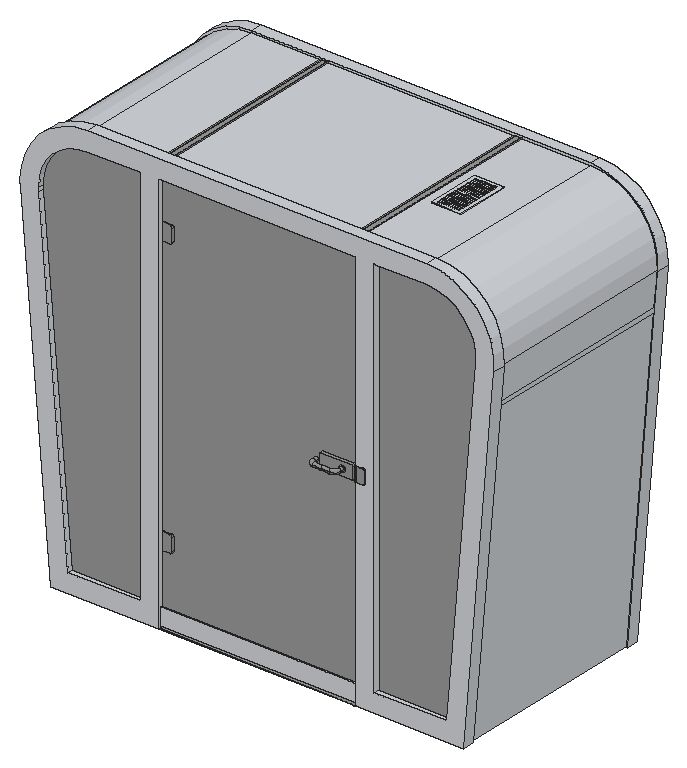
Revit family "Retreat 2.1 - PET Back", category Generic Models, host Floor, Revit 2020
Family settings
  Host = Floor
  Can host rebar = No
  Round Connector Dimension = Use Diameter
  Part Type = Normal
  Always vertical = Yes
  Cut with Voids When Loaded = No
  Shared = No
  Room Calculation Point = No
Parameters
  Default Elevation = 0 mm
Reference planes
  plane 1 "Center (Front/Back)": y = 0
  plane 2: z = 0
  plane 3 "Center (Left/Right)": x = 0
Forms (mm)
  Extrusion 1, solid
    sketch origin (0, 0, 0) x (1, 0, 0) y (0, 0, 1)
      loop
        line (-994.283, 0) -> (-1135.633, 1615.634) -> (-1187.435, 1611.102) -> (-1046.482, 0) -> (-994.283, 0)
      loop
        line (-1136.069, 1620.615) -> (-1152.093, 1803.768)
        arc (-1152.093, 1803.768) -> (-1152.883, 1815.827) -> (-1153.147, 1827.91) r 277
        arc (-1153.147, 1827.91) -> (-1072.015, 2023.779) -> (-876.147, 2104.91) r 277
        line (-876.147, 2104.91) -> (-511.874, 2104.91) -> (-511.874, 2156.91) -> (-876.147, 2156.91)
        arc (-876.147, 2156.91) -> (-1108.785, 2060.548) -> (-1205.147, 1827.91) r 329
        arc (-1205.147, 1827.91) -> (-1204.834, 1813.559) -> (-1203.895, 1799.236) r 329
        line (-1203.895, 1799.236) -> (-1187.871, 1616.083) -> (-1136.069, 1620.615)
      loop
        line (-486.874, 2104.91) -> (488.126, 2104.91) -> (488.126, 2156.91) -> (-486.874, 2156.91) -> (-486.874, 2104.91)
      loop
        line (513.126, 2104.91) -> (877.399, 2104.91)
        arc (877.399, 2104.91) -> (1081.624, 2015.048) -> (1153.345, 1803.768) r 277
        line (1153.345, 1803.768) -> (1137.321, 1620.615) -> (1189.123, 1616.083) -> (1205.147, 1799.236)
        arc (1205.147, 1799.236) -> (1119.963, 2050.179) -> (877.399, 2156.91) r 329
        line (877.399, 2156.91) -> (513.126, 2156.91) -> (513.126, 2104.91)
      loop
        line (1136.885, 1615.634) -> (995.535, 0) -> (1047.734, 0) -> (1188.687, 1611.102) -> (1136.885, 1615.634)
    from -500 to 500
  Extrusion 2, solid
    sketch origin (0, 0, 0) x (1, 0, 0) y (0, 0, 1)
      loop
        line (-985.249, 0) -> (-1126.667, 1616.419) -> (-1135.633, 1615.634) -> (-994.283, 0) -> (-985.249, 0)
      loop
        line (-1127.103, 1621.4) -> (-1143.127, 1804.552)
        arc (-1143.127, 1804.552) -> (-1143.892, 1816.22) -> (-1144.147, 1827.91) r 268
        arc (-1144.147, 1827.91) -> (-1065.651, 2017.415) -> (-876.147, 2095.91) r 268
        line (-876.147, 2095.91) -> (-511.874, 2095.91) -> (-511.874, 2104.91) -> (-876.147, 2104.91)
        arc (-876.147, 2104.91) -> (-1072.015, 2023.779) -> (-1153.147, 1827.91) r 277
        arc (-1153.147, 1827.91) -> (-1152.883, 1815.827) -> (-1152.093, 1803.768) r 277
        line (-1152.093, 1803.768) -> (-1136.069, 1620.615) -> (-1127.103, 1621.4)
      loop
        line (-486.874, 2095.91) -> (488.126, 2095.91) -> (488.126, 2104.91) -> (-486.874, 2104.91) -> (-486.874, 2095.91)
      loop
        line (513.126, 2095.91) -> (877.399, 2095.91)
        arc (877.399, 2095.91) -> (1074.989, 2008.968) -> (1144.379, 1804.552) r 268
        line (1144.379, 1804.552) -> (1128.355, 1621.4) -> (1137.321, 1620.615) -> (1153.345, 1803.768)
        arc (1153.345, 1803.768) -> (1081.624, 2015.048) -> (877.399, 2104.91) r 277
        line (877.399, 2104.91) -> (513.126, 2104.91) -> (513.126, 2095.91)
      loop
        line (1127.919, 1616.419) -> (986.501, 0) -> (995.535, 0) -> (1136.885, 1615.634) -> (1127.919, 1616.419)
    from -500 to 500
  Extrusion 3, solid
    sketch origin (0, 0, 0) x (1, 0, 0) y (0, 0, 1)
      loop
        line (-1046.482, 0) -> (-1187.435, 1611.102) -> (-1196.401, 1610.318) -> (-1055.516, 0) -> (-1046.482, 0)
      loop
        line (-1187.871, 1616.083) -> (-1203.895, 1799.236)
        arc (-1203.895, 1799.236) -> (-1204.834, 1813.559) -> (-1205.147, 1827.91) r 329
        arc (-1205.147, 1827.91) -> (-1108.785, 2060.548) -> (-876.147, 2156.91) r 329
        line (-876.147, 2156.91) -> (-511.874, 2156.91) -> (-511.874, 2165.91) -> (-876.147, 2165.91)
        arc (-876.147, 2165.91) -> (-1115.149, 2066.912) -> (-1214.147, 1827.91) r 338
        arc (-1214.147, 1827.91) -> (-1213.825, 1813.167) -> (-1212.86, 1798.451) r 338
        line (-1212.86, 1798.451) -> (-1196.837, 1615.299) -> (-1187.871, 1616.083)
      loop
        line (-486.874, 2156.91) -> (488.126, 2156.91) -> (488.126, 2165.91) -> (-486.874, 2165.91) -> (-486.874, 2156.91)
      loop
        line (513.126, 2156.91) -> (877.399, 2156.91)
        arc (877.399, 2156.91) -> (1119.963, 2050.179) -> (1205.147, 1799.236) r 329
        line (1205.147, 1799.236) -> (1189.123, 1616.083) -> (1198.089, 1615.299) -> (1214.112, 1798.451)
        arc (1214.112, 1798.451) -> (1126.598, 2056.259) -> (877.399, 2165.91) r 338
        line (877.399, 2165.91) -> (513.126, 2165.91) -> (513.126, 2156.91)
      loop
        line (1188.687, 1611.102) -> (1047.734, 0) -> (1056.768, 0) -> (1197.653, 1610.318) -> (1188.687, 1611.102)
    from -500 to 500
  Extrusion 4, solid
    sketch origin (0, 0, 0) x (1, 0, 0) y (0, 0, 1)
      loop
        line (-1055.516, 0) -> (-1196.401, 1610.318) -> (-1198.393, 1610.144) -> (-1057.524, 0) -> (-1055.516, 0)
      loop
        line (-1196.837, 1615.299) -> (-1212.86, 1798.451)
        arc (-1212.86, 1798.451) -> (-1213.825, 1813.167) -> (-1214.147, 1827.91) r 338
        arc (-1214.147, 1827.91) -> (-1115.149, 2066.912) -> (-876.147, 2165.91) r 338
        line (-876.147, 2165.91) -> (-511.874, 2165.91) -> (-511.874, 2167.91) -> (-876.147, 2167.91)
        arc (-876.147, 2167.91) -> (-1116.563, 2068.326) -> (-1216.147, 1827.91) r 340
        arc (-1216.147, 1827.91) -> (-1215.823, 1813.079) -> (-1214.853, 1798.277) r 340
        line (-1214.853, 1798.277) -> (-1198.829, 1615.125) -> (-1196.837, 1615.299)
      loop
        line (-486.874, 2165.91) -> (488.126, 2165.91) -> (488.126, 2167.91) -> (-486.874, 2167.91) -> (-486.874, 2165.91)
      loop
        line (513.126, 2167.91) -> (513.126, 2165.91) -> (877.399, 2165.91)
        arc (877.399, 2165.91) -> (1126.598, 2056.259) -> (1214.112, 1798.451) r 338
        line (1214.112, 1798.451) -> (1198.089, 1615.299) -> (1200.081, 1615.125) -> (1216.105, 1798.277)
        arc (1216.105, 1798.277) -> (1128.073, 2057.611) -> (877.399, 2167.91) r 340
        line (877.399, 2167.91) -> (513.126, 2167.91)
      loop
        line (1197.653, 1610.318) -> (1056.768, 0) -> (1058.776, 0) -> (1199.645, 1610.144) -> (1197.653, 1610.318)
    from -500 to 500
  Extrusion 5, solid
    sketch origin (0, 0, 0) x (1, 0, 0) y (0, 0, 1)
      loop
        line (-510, 0) -> (-510, 2083) -> (510, 2083) -> (510, 0) -> (1068, 0) -> (1225.26, 1797.495)
        arc (1225.26, 1797.495) -> (1134.639, 2064.457) -> (876.592, 2178) r 350
        line (876.592, 2178) -> (-876.592, 2178)
        arc (-876.592, 2178) -> (-1124.08, 2075.487) -> (-1226.592, 1828) r 350
        arc (-1226.592, 1828) -> (-1226.259, 1812.733) -> (-1225.26, 1797.495) r 350
        line (-1225.26, 1797.495) -> (-1068, 0) -> (-510, 0)
      loop
        line (-605, 95) -> (-605, 2083) -> (-876.592, 2083)
        arc (-876.592, 2083) -> (-1056.905, 2008.312) -> (-1131.592, 1828) r 255
        arc (-1131.592, 1828) -> (-1131.35, 1816.877) -> (-1130.622, 1805.775) r 255
        line (-1130.622, 1805.775) -> (-980.949, 95) -> (-605, 95)
      loop
        line (605, 95) -> (980.949, 95) -> (1130.622, 1805.775)
        arc (1130.622, 1805.775) -> (1064.598, 2000.276) -> (876.592, 2083) r 255
        line (876.592, 2083) -> (605, 2083) -> (605, 95)
    from 500 to 560
  Extrusion 6, solid
    sketch origin (0, 0, 0) x (1, 0, 0) y (0, 0, 1)
      loop
        line (-488, 0) -> (-488, 2061) -> (488, 2061) -> (488, 0) -> (510, 0) -> (510, 2083) -> (-510, 2083) -> (-510, 0) -> (-488, 0)
    from 500 to 522
  Extrusion 7, solid
    sketch origin (0, 0, 0) x (1, 0, 0) y (0, 0, 1)
      loop
        line (-1068, 0) -> (1068, 0) -> (1225.26, 1797.495)
        arc (1225.26, 1797.495) -> (1134.639, 2064.457) -> (876.592, 2178) r 350
        line (876.592, 2178) -> (-876.592, 2178)
        arc (-876.592, 2178) -> (-1124.08, 2075.487) -> (-1226.592, 1828) r 350
        arc (-1226.592, 1828) -> (-1226.259, 1812.733) -> (-1225.26, 1797.495) r 350
        line (-1225.26, 1797.495) -> (-1068, 0)
      loop
        line (-980.949, 95) -> (-572.5, 95) -> (-572.5, 2083) -> (-876.592, 2083)
        arc (-876.592, 2083) -> (-1056.905, 2008.312) -> (-1131.592, 1828) r 255
        arc (-1131.592, 1828) -> (-1131.35, 1816.877) -> (-1130.622, 1805.775) r 255
        line (-1130.622, 1805.775) -> (-980.949, 95)
      loop
        line (-427.5, 95) -> (427.5, 95) -> (427.5, 2083) -> (-427.5, 2083) -> (-427.5, 95)
      loop
        line (572.5, 95) -> (980.949, 95) -> (1130.622, 1805.775)
        arc (1130.622, 1805.775) -> (1064.598, 2000.276) -> (876.592, 2083) r 255
        line (876.592, 2083) -> (572.5, 2083) -> (572.5, 95)
    from -560 to -500
  Extrusion 8, solid
    sketch origin (0, 0, 0) x (1, 0, 0) y (0, 0, 1)
      loop
        line (505, 98.5) -> (-505, 98.5) -> (-505, 10.5) -> (505, 10.5) -> (505, 98.5)
    from 541.5 to 550.5
  Extrusion 9, solid
    sketch origin (0, 0, 0) x (1, 0, 0) y (0, 0, 1)
      loop
        line (484, 98.5) -> (-484, 98.5) -> (-484, 10.5) -> (484, 10.5) -> (484, 98.5)
    from 503.5 to 533.5
  Extrusion 10, solid
    sketch origin (778.97, -0.1, 0) x (1, 0, 0) y (0, 1, 0)
      loop
        line (-66.5, 143) -> (-212.5, 143)
        arc (-212.5, 143) -> (-216.036, 141.536) -> (-217.5, 138) r 5
        line (-217.5, 138) -> (-217.5, -134.9)
        arc (-217.5, -134.9) -> (-216.036, -138.436) -> (-212.5, -139.9) r 5
        line (-212.5, -139.9) -> (-66.5, -139.9)
        arc (-66.5, -139.9) -> (-62.964, -138.436) -> (-61.5, -134.9) r 5
        line (-61.5, -134.9) -> (-61.5, 138)
        arc (-61.5, 138) -> (-62.964, 141.536) -> (-66.5, 143) r 5
      loop
        line (-196.5, -90) -> (-196.5, -120)
        arc (-196.5, -120) -> (-195.914, -121.414) -> (-194.5, -122) r 2
        arc (-194.5, -122) -> (-193.086, -121.414) -> (-192.5, -120) r 2
        line (-192.5, -120) -> (-192.5, -90)
        arc (-192.5, -90) -> (-194.5, -88) -> (-196.5, -90) r 2
      loop
        line (-185.5, -90) -> (-185.5, -120)
        arc (-185.5, -120) -> (-184.914, -121.414) -> (-183.5, -122) r 2
        arc (-183.5, -122) -> (-182.086, -121.414) -> (-181.5, -120) r 2
        line (-181.5, -120) -> (-181.5, -90)
        arc (-181.5, -90) -> (-183.5, -88) -> (-185.5, -90) r 2
      loop
        line (-174.5, -90) -> (-174.5, -120)
        arc (-174.5, -120) -> (-173.914, -121.414) -> (-172.5, -122) r 2
        arc (-172.5, -122) -> (-171.086, -121.414) -> (-170.5, -120) r 2
        line (-170.5, -120) -> (-170.5, -90)
        arc (-170.5, -90) -> (-172.5, -88) -> (-174.5, -90) r 2
      loop
        line (-163.5, -90) -> (-163.5, -120)
        arc (-163.5, -120) -> (-162.914, -121.414) -> (-161.5, -122) r 2
        arc (-161.5, -122) -> (-160.086, -121.414) -> (-159.5, -120) r 2
        line (-159.5, -120) -> (-159.5, -90)
        arc (-159.5, -90) -> (-161.5, -88) -> (-163.5, -90) r 2
      loop
        line (-152.5, -90) -> (-152.5, -120)
        arc (-152.5, -120) -> (-151.914, -121.414) -> (-150.5, -122) r 2
        arc (-150.5, -122) -> (-149.086, -121.414) -> (-148.5, -120) r 2
        line (-148.5, -120) -> (-148.5, -90)
        arc (-148.5, -90) -> (-150.5, -88) -> (-152.5, -90) r 2
      loop
        line (-141.5, -90) -> (-141.5, -120)
        arc (-141.5, -120) -> (-140.914, -121.414) -> (-139.5, -122) r 2
        arc (-139.5, -122) -> (-138.086, -121.414) -> (-137.5, -120) r 2
        line (-137.5, -120) -> (-137.5, -90)
        arc (-137.5, -90) -> (-139.5, -88) -> (-141.5, -90) r 2
      loop
        line (-130.5, -90) -> (-130.5, -120)
        arc (-130.5, -120) -> (-129.914, -121.414) -> (-128.5, -122) r 2
        arc (-128.5, -122) -> (-127.086, -121.414) -> (-126.5, -120) r 2
        line (-126.5, -120) -> (-126.5, -90)
        arc (-126.5, -90) -> (-128.5, -88) -> (-130.5, -90) r 2
      loop
        line (-119.5, -90) -> (-119.5, -120)
        arc (-119.5, -120) -> (-118.914, -121.414) -> (-117.5, -122) r 2
        arc (-117.5, -122) -> (-116.086, -121.414) -> (-115.5, -120) r 2
        line (-115.5, -120) -> (-115.5, -90)
        arc (-115.5, -90) -> (-117.5, -88) -> (-119.5, -90) r 2
      loop
        line (-108.5, -90) -> (-108.5, -120)
        arc (-108.5, -120) -> (-107.914, -121.414) -> (-106.5, -122) r 2
        arc (-106.5, -122) -> (-105.086, -121.414) -> (-104.5, -120) r 2
        line (-104.5, -120) -> (-104.5, -90)
        arc (-104.5, -90) -> (-106.5, -88) -> (-108.5, -90) r 2
      loop
        line (-97.5, -90) -> (-97.5, -120)
        arc (-97.5, -120) -> (-96.914, -121.414) -> (-95.5, -122) r 2
        arc (-95.5, -122) -> (-94.086, -121.414) -> (-93.5, -120) r 2
        line (-93.5, -120) -> (-93.5, -90)
        arc (-93.5, -90) -> (-95.5, -88) -> (-97.5, -90) r 2
      loop
        line (-86.5, -90) -> (-86.5, -120)
        arc (-86.5, -120) -> (-85.914, -121.414) -> (-84.5, -122) r 2
        arc (-84.5, -122) -> (-83.086, -121.414) -> (-82.5, -120) r 2
        line (-82.5, -120) -> (-82.5, -90)
        arc (-82.5, -90) -> (-84.5, -88) -> (-86.5, -90) r 2
      loop
        line (-82.5, -80) -> (-82.5, -50)
        arc (-82.5, -50) -> (-84.5, -48) -> (-86.5, -50) r 2
        line (-86.5, -50) -> (-86.5, -80)
        arc (-86.5, -80) -> (-85.914, -81.414) -> (-84.5, -82) r 2
        arc (-84.5, -82) -> (-83.086, -81.414) -> (-82.5, -80) r 2
      loop
        line (-93.5, -80) -> (-93.5, -50)
        arc (-93.5, -50) -> (-95.5, -48) -> (-97.5, -50) r 2
        line (-97.5, -50) -> (-97.5, -80)
        arc (-97.5, -80) -> (-96.914, -81.414) -> (-95.5, -82) r 2
        arc (-95.5, -82) -> (-94.086, -81.414) -> (-93.5, -80) r 2
      loop
        line (-104.5, -80) -> (-104.5, -50)
        arc (-104.5, -50) -> (-106.5, -48) -> (-108.5, -50) r 2
        line (-108.5, -50) -> (-108.5, -80)
        arc (-108.5, -80) -> (-107.914, -81.414) -> (-106.5, -82) r 2
        arc (-106.5, -82) -> (-105.086, -81.414) -> (-104.5, -80) r 2
      loop
        line (-115.5, -80) -> (-115.5, -50)
        arc (-115.5, -50) -> (-117.5, -48) -> (-119.5, -50) r 2
        line (-119.5, -50) -> (-119.5, -80)
        arc (-119.5, -80) -> (-118.914, -81.414) -> (-117.5, -82) r 2
        arc (-117.5, -82) -> (-116.086, -81.414) -> (-115.5, -80) r 2
      loop
        line (-126.5, -80) -> (-126.5, -50)
        arc (-126.5, -50) -> (-128.5, -48) -> (-130.5, -50) r 2
        line (-130.5, -50) -> (-130.5, -80)
        arc (-130.5, -80) -> (-129.914, -81.414) -> (-128.5, -82) r 2
        arc (-128.5, -82) -> (-127.086, -81.414) -> (-126.5, -80) r 2
      loop
        line (-137.5, -80) -> (-137.5, -50)
        arc (-137.5, -50) -> (-139.5, -48) -> (-141.5, -50) r 2
        line (-141.5, -50) -> (-141.5, -80)
        arc (-141.5, -80) -> (-140.914, -81.414) -> (-139.5, -82) r 2
        arc (-139.5, -82) -> (-138.086, -81.414) -> (-137.5, -80) r 2
      loop
        line (-148.5, -80) -> (-148.5, -50)
        arc (-148.5, -50) -> (-150.5, -48) -> (-152.5, -50) r 2
        line (-152.5, -50) -> (-152.5, -80)
        arc (-152.5, -80) -> (-151.914, -81.414) -> (-150.5, -82) r 2
        arc (-150.5, -82) -> (-149.086, -81.414) -> (-148.5, -80) r 2
      loop
        line (-159.5, -80) -> (-159.5, -50)
        arc (-159.5, -50) -> (-161.5, -48) -> (-163.5, -50) r 2
        line (-163.5, -50) -> (-163.5, -80)
        arc (-163.5, -80) -> (-162.914, -81.414) -> (-161.5, -82) r 2
        arc (-161.5, -82) -> (-160.086, -81.414) -> (-159.5, -80) r 2
      loop
        line (-170.5, -80) -> (-170.5, -50)
        arc (-170.5, -50) -> (-172.5, -48) -> (-174.5, -50) r 2
        line (-174.5, -50) -> (-174.5, -80)
        arc (-174.5, -80) -> (-173.914, -81.414) -> (-172.5, -82) r 2
        arc (-172.5, -82) -> (-171.086, -81.414) -> (-170.5, -80) r 2
      loop
        line (-181.5, -80) -> (-181.5, -50)
        arc (-181.5, -50) -> (-183.5, -48) -> (-185.5, -50) r 2
        line (-185.5, -50) -> (-185.5, -80)
        arc (-185.5, -80) -> (-184.914, -81.414) -> (-183.5, -82) r 2
        arc (-183.5, -82) -> (-182.086, -81.414) -> (-181.5, -80) r 2
      loop
        line (-192.5, -80) -> (-192.5, -50)
        arc (-192.5, -50) -> (-194.5, -48) -> (-196.5, -50) r 2
        line (-196.5, -50) -> (-196.5, -80)
        arc (-196.5, -80) -> (-195.914, -81.414) -> (-194.5, -82) r 2
        arc (-194.5, -82) -> (-193.086, -81.414) -> (-192.5, -80) r 2
      loop
        line (-196.5, -10) -> (-196.5, -40)
        arc (-196.5, -40) -> (-195.914, -41.414) -> (-194.5, -42) r 2
        arc (-194.5, -42) -> (-193.086, -41.414) -> (-192.5, -40) r 2
        line (-192.5, -40) -> (-192.5, -10)
        arc (-192.5, -10) -> (-194.5, -8) -> (-196.5, -10) r 2
      loop
        line (-185.5, -10) -> (-185.5, -40)
        arc (-185.5, -40) -> (-184.914, -41.414) -> (-183.5, -42) r 2
        arc (-183.5, -42) -> (-182.086, -41.414) -> (-181.5, -40) r 2
        line (-181.5, -40) -> (-181.5, -10)
        arc (-181.5, -10) -> (-183.5, -8) -> (-185.5, -10) r 2
      loop
        line (-174.5, -10) -> (-174.5, -40)
        arc (-174.5, -40) -> (-172.5, -42) -> (-170.5, -40) r 2
        line (-170.5, -40) -> (-170.5, -10)
        arc (-170.5, -10) -> (-172.5, -8) -> (-174.5, -10) r 2
      loop
        line (-163.5, -10) -> (-163.5, -40)
        arc (-163.5, -40) -> (-162.914, -41.414) -> (-161.5, -42) r 2
        arc (-161.5, -42) -> (-160.086, -41.414) -> (-159.5, -40) r 2
        line (-159.5, -40) -> (-159.5, -10)
        arc (-159.5, -10) -> (-161.5, -8) -> (-163.5, -10) r 2
      loop
        line (-152.5, -10) -> (-152.5, -40)
        arc (-152.5, -40) -> (-151.914, -41.414) -> (-150.5, -42) r 2
        arc (-150.5, -42) -> (-149.086, -41.414) -> (-148.5, -40) r 2
        line (-148.5, -40) -> (-148.5, -10)
        arc (-148.5, -10) -> (-150.5, -8) -> (-152.5, -10) r 2
      loop
        line (-141.5, -10) -> (-141.5, -40)
        arc (-141.5, -40) -> (-140.914, -41.414) -> (-139.5, -42) r 2
        arc (-139.5, -42) -> (-138.086, -41.414) -> (-137.5, -40) r 2
        line (-137.5, -40) -> (-137.5, -10)
        arc (-137.5, -10) -> (-139.5, -8) -> (-141.5, -10) r 2
      loop
        line (-130.5, -10) -> (-130.5, -40)
        arc (-130.5, -40) -> (-129.914, -41.414) -> (-128.5, -42) r 2
        arc (-128.5, -42) -> (-127.086, -41.414) -> (-126.5, -40) r 2
        line (-126.5, -40) -> (-126.5, -10)
        arc (-126.5, -10) -> (-128.5, -8) -> (-130.5, -10) r 2
      loop
        line (-119.5, -10) -> (-119.5, -40)
        arc (-119.5, -40) -> (-118.914, -41.414) -> (-117.5, -42) r 2
        arc (-117.5, -42) -> (-116.086, -41.414) -> (-115.5, -40) r 2
        line (-115.5, -40) -> (-115.5, -10)
        arc (-115.5, -10) -> (-117.5, -8) -> (-119.5, -10) r 2
      loop
        line (-108.5, -10) -> (-108.5, -40)
        arc (-108.5, -40) -> (-107.914, -41.414) -> (-106.5, -42) r 2
        arc (-106.5, -42) -> (-105.086, -41.414) -> (-104.5, -40) r 2
        line (-104.5, -40) -> (-104.5, -10)
        arc (-104.5, -10) -> (-106.5, -8) -> (-108.5, -10) r 2
      loop
        line (-97.5, -10) -> (-97.5, -40)
        arc (-97.5, -40) -> (-96.914, -41.414) -> (-95.5, -42) r 2
        arc (-95.5, -42) -> (-94.086, -41.414) -> (-93.5, -40) r 2
        line (-93.5, -40) -> (-93.5, -10)
        arc (-93.5, -10) -> (-95.5, -8) -> (-97.5, -10) r 2
      loop
        line (-86.5, -10) -> (-86.5, -40)
        arc (-86.5, -40) -> (-85.914, -41.414) -> (-84.5, -42) r 2
        arc (-84.5, -42) -> (-83.086, -41.414) -> (-82.5, -40) r 2
        line (-82.5, -40) -> (-82.5, -10)
        arc (-82.5, -10) -> (-84.5, -8) -> (-86.5, -10) r 2
      loop
        line (-82.5, 10) -> (-82.5, 40)
        arc (-82.5, 40) -> (-84.5, 42) -> (-86.5, 40) r 2
        line (-86.5, 40) -> (-86.5, 10)
        arc (-86.5, 10) -> (-85.914, 8.586) -> (-84.5, 8) r 2
        arc (-84.5, 8) -> (-83.086, 8.586) -> (-82.5, 10) r 2
      loop
        line (-93.5, 10) -> (-93.5, 40)
        arc (-93.5, 40) -> (-95.5, 42) -> (-97.5, 40) r 2
        line (-97.5, 40) -> (-97.5, 10)
        arc (-97.5, 10) -> (-96.914, 8.586) -> (-95.5, 8) r 2
        arc (-95.5, 8) -> (-94.086, 8.586) -> (-93.5, 10) r 2
      loop
        line (-104.5, 10) -> (-104.5, 40)
        arc (-104.5, 40) -> (-106.5, 42) -> (-108.5, 40) r 2
        line (-108.5, 40) -> (-108.5, 10)
        arc (-108.5, 10) -> (-107.914, 8.586) -> (-106.5, 8) r 2
        arc (-106.5, 8) -> (-105.086, 8.586) -> (-104.5, 10) r 2
      loop
        line (-115.5, 10) -> (-115.5, 40)
        arc (-115.5, 40) -> (-117.5, 42) -> (-119.5, 40) r 2
        line (-119.5, 40) -> (-119.5, 10)
        arc (-119.5, 10) -> (-118.914, 8.586) -> (-117.5, 8) r 2
        arc (-117.5, 8) -> (-116.086, 8.586) -> (-115.5, 10) r 2
      loop
        line (-130.5, 40) -> (-130.5, 10)
        arc (-130.5, 10) -> (-129.914, 8.586) -> (-128.5, 8) r 2
        arc (-128.5, 8) -> (-127.086, 8.586) -> (-126.5, 10) r 2
        line (-126.5, 10) -> (-126.5, 40)
        arc (-126.5, 40) -> (-128.5, 42) -> (-130.5, 40) r 2
      loop
        line (-137.5, 10) -> (-137.5, 40)
        arc (-137.5, 40) -> (-139.5, 42) -> (-141.5, 40) r 2
        line (-141.5, 40) -> (-141.5, 10)
        arc (-141.5, 10) -> (-140.914, 8.586) -> (-139.5, 8) r 2
        arc (-139.5, 8) -> (-138.086, 8.586) -> (-137.5, 10) r 2
      loop
        line (-148.5, 10) -> (-148.5, 40)
        arc (-148.5, 40) -> (-150.5, 42) -> (-152.5, 40) r 2
        line (-152.5, 40) -> (-152.5, 10)
        arc (-152.5, 10) -> (-151.914, 8.586) -> (-150.5, 8) r 2
        arc (-150.5, 8) -> (-149.086, 8.586) -> (-148.5, 10) r 2
      loop
        line (-159.5, 10) -> (-159.5, 40)
        arc (-159.5, 40) -> (-161.5, 42) -> (-163.5, 40) r 2
        line (-163.5, 40) -> (-163.5, 10)
        arc (-163.5, 10) -> (-162.914, 8.586) -> (-161.5, 8) r 2
        arc (-161.5, 8) -> (-160.086, 8.586) -> (-159.5, 10) r 2
      loop
        line (-170.5, 10) -> (-170.5, 40)
        arc (-170.5, 40) -> (-172.5, 42) -> (-174.5, 40) r 2
        line (-174.5, 40) -> (-174.5, 10)
        arc (-174.5, 10) -> (-173.914, 8.586) -> (-172.5, 8) r 2
        arc (-172.5, 8) -> (-171.086, 8.586) -> (-170.5, 10) r 2
      loop
        line (-181.5, 10) -> (-181.5, 40)
        arc (-181.5, 40) -> (-183.5, 42) -> (-185.5, 40) r 2
        line (-185.5, 40) -> (-185.5, 10)
        arc (-185.5, 10) -> (-184.914, 8.586) -> (-183.5, 8) r 2
        arc (-183.5, 8) -> (-182.086, 8.586) -> (-181.5, 10) r 2
      loop
        line (-192.5, 10) -> (-192.5, 40)
        arc (-192.5, 40) -> (-194.5, 42) -> (-196.5, 40) r 2
        line (-196.5, 40) -> (-196.5, 10)
        arc (-196.5, 10) -> (-195.914, 8.586) -> (-194.5, 8) r 2
        arc (-194.5, 8) -> (-193.086, 8.586) -> (-192.5, 10) r 2
      loop
        line (-196.5, 80) -> (-196.5, 50)
        arc (-196.5, 50) -> (-195.914, 48.586) -> (-194.5, 48) r 2
        arc (-194.5, 48) -> (-193.086, 48.586) -> (-192.5, 50) r 2
        line (-192.5, 50) -> (-192.5, 80)
        arc (-192.5, 80) -> (-194.5, 82) -> (-196.5, 80) r 2
      loop
        line (-185.5, 80) -> (-185.5, 50)
        arc (-185.5, 50) -> (-184.914, 48.586) -> (-183.5, 48) r 2
        arc (-183.5, 48) -> (-182.086, 48.586) -> (-181.5, 50) r 2
        line (-181.5, 50) -> (-181.5, 80)
        arc (-181.5, 80) -> (-183.5, 82) -> (-185.5, 80) r 2
      loop
        line (-174.5, 80) -> (-174.5, 50)
        arc (-174.5, 50) -> (-173.914, 48.586) -> (-172.5, 48) r 2
        arc (-172.5, 48) -> (-171.086, 48.586) -> (-170.5, 50) r 2
        line (-170.5, 50) -> (-170.5, 80)
        arc (-170.5, 80) -> (-172.5, 82) -> (-174.5, 80) r 2
      loop
        line (-163.5, 80) -> (-163.5, 50)
        arc (-163.5, 50) -> (-162.914, 48.586) -> (-161.5, 48) r 2
        arc (-161.5, 48) -> (-160.086, 48.586) -> (-159.5, 50) r 2
        line (-159.5, 50) -> (-159.5, 80)
        arc (-159.5, 80) -> (-161.5, 82) -> (-163.5, 80) r 2
      loop
        line (-152.5, 80) -> (-152.5, 50)
        arc (-152.5, 50) -> (-151.914, 48.586) -> (-150.5, 48) r 2
        arc (-150.5, 48) -> (-149.086, 48.586) -> (-148.5, 50) r 2
        line (-148.5, 50) -> (-148.5, 80)
        arc (-148.5, 80) -> (-150.5, 82) -> (-152.5, 80) r 2
      loop
        line (-141.5, 80) -> (-141.5, 50)
        arc (-141.5, 50) -> (-140.914, 48.586) -> (-139.5, 48) r 2
        arc (-139.5, 48) -> (-138.086, 48.586) -> (-137.5, 50) r 2
        line (-137.5, 50) -> (-137.5, 80)
        arc (-137.5, 80) -> (-139.5, 82) -> (-141.5, 80) r 2
      loop
        line (-130.5, 80) -> (-130.5, 50)
        arc (-130.5, 50) -> (-129.914, 48.586) -> (-128.5, 48) r 2
        arc (-128.5, 48) -> (-127.086, 48.586) -> (-126.5, 50) r 2
        line (-126.5, 50) -> (-126.5, 80)
        arc (-126.5, 80) -> (-128.5, 82) -> (-130.5, 80) r 2
      loop
        line (-119.5, 80) -> (-119.5, 50)
        arc (-119.5, 50) -> (-118.914, 48.586) -> (-117.5, 48) r 2
        arc (-117.5, 48) -> (-116.086, 48.586) -> (-115.5, 50) r 2
        line (-115.5, 50) -> (-115.5, 80)
        arc (-115.5, 80) -> (-117.5, 82) -> (-119.5, 80) r 2
      loop
        line (-108.5, 80) -> (-108.5, 50)
        arc (-108.5, 50) -> (-107.914, 48.586) -> (-106.5, 48) r 2
        arc (-106.5, 48) -> (-105.086, 48.586) -> (-104.5, 50) r 2
        line (-104.5, 50) -> (-104.5, 80)
        arc (-104.5, 80) -> (-106.5, 82) -> (-108.5, 80) r 2
      loop
        line (-97.5, 80) -> (-97.5, 50)
        arc (-97.5, 50) -> (-96.914, 48.586) -> (-95.5, 48) r 2
        arc (-95.5, 48) -> (-94.086, 48.586) -> (-93.5, 50) r 2
        line (-93.5, 50) -> (-93.5, 80)
        arc (-93.5, 80) -> (-95.5, 82) -> (-97.5, 80) r 2
      loop
        line (-86.5, 80) -> (-86.5, 50)
        arc (-86.5, 50) -> (-85.914, 48.586) -> (-84.5, 48) r 2
        arc (-84.5, 48) -> (-83.086, 48.586) -> (-82.5, 50) r 2
        line (-82.5, 50) -> (-82.5, 80)
        arc (-82.5, 80) -> (-84.5, 82) -> (-86.5, 80) r 2
      loop
        line (-82.5, 90) -> (-82.5, 120)
        arc (-82.5, 120) -> (-84.5, 122) -> (-86.5, 120) r 2
        line (-86.5, 120) -> (-86.5, 90)
        arc (-86.5, 90) -> (-85.914, 88.586) -> (-84.5, 88) r 2
        arc (-84.5, 88) -> (-83.086, 88.586) -> (-82.5, 90) r 2
      loop
        line (-93.5, 90) -> (-93.5, 120)
        arc (-93.5, 120) -> (-95.5, 122) -> (-97.5, 120) r 2
        line (-97.5, 120) -> (-97.5, 90)
        arc (-97.5, 90) -> (-96.914, 88.586) -> (-95.5, 88) r 2
        arc (-95.5, 88) -> (-94.086, 88.586) -> (-93.5, 90) r 2
      loop
        line (-104.5, 90) -> (-104.5, 120)
        arc (-104.5, 120) -> (-106.5, 122) -> (-108.5, 120) r 2
        line (-108.5, 120) -> (-108.5, 90)
        arc (-108.5, 90) -> (-107.914, 88.586) -> (-106.5, 88) r 2
        arc (-106.5, 88) -> (-105.086, 88.586) -> (-104.5, 90) r 2
      loop
        line (-115.5, 90) -> (-115.5, 120)
        arc (-115.5, 120) -> (-117.5, 122) -> (-119.5, 120) r 2
        line (-119.5, 120) -> (-119.5, 90)
        arc (-119.5, 90) -> (-118.914, 88.586) -> (-117.5, 88) r 2
        arc (-117.5, 88) -> (-116.086, 88.586) -> (-115.5, 90) r 2
      loop
        line (-126.5, 90) -> (-126.5, 120)
        arc (-126.5, 120) -> (-128.5, 122) -> (-130.5, 120) r 2
        line (-130.5, 120) -> (-130.5, 90)
        arc (-130.5, 90) -> (-129.914, 88.586) -> (-128.5, 88) r 2
        arc (-128.5, 88) -> (-127.086, 88.586) -> (-126.5, 90) r 2
      loop
        line (-137.5, 90) -> (-137.5, 120)
        arc (-137.5, 120) -> (-139.5, 122) -> (-141.5, 120) r 2
        line (-141.5, 120) -> (-141.5, 90)
        arc (-141.5, 90) -> (-140.914, 88.586) -> (-139.5, 88) r 2
        arc (-139.5, 88) -> (-138.086, 88.586) -> (-137.5, 90) r 2
      loop
        line (-148.5, 90) -> (-148.5, 120)
        arc (-148.5, 120) -> (-150.5, 122) -> (-152.5, 120) r 2
        line (-152.5, 120) -> (-152.5, 90)
        arc (-152.5, 90) -> (-151.914, 88.586) -> (-150.5, 88) r 2
        arc (-150.5, 88) -> (-149.086, 88.586) -> (-148.5, 90) r 2
      loop
        line (-159.5, 90) -> (-159.5, 120)
        arc (-159.5, 120) -> (-161.5, 122) -> (-163.5, 120) r 2
        line (-163.5, 120) -> (-163.5, 90)
        arc (-163.5, 90) -> (-162.914, 88.586) -> (-161.5, 88) r 2
        arc (-161.5, 88) -> (-160.086, 88.586) -> (-159.5, 90) r 2
      loop
        line (-170.5, 90) -> (-170.5, 120)
        arc (-170.5, 120) -> (-172.5, 122) -> (-174.5, 120) r 2
        line (-174.5, 120) -> (-174.5, 90)
        arc (-174.5, 90) -> (-173.914, 88.586) -> (-172.5, 88) r 2
        arc (-172.5, 88) -> (-171.086, 88.586) -> (-170.5, 90) r 2
      loop
        line (-181.5, 90) -> (-181.5, 120)
        arc (-181.5, 120) -> (-183.5, 122) -> (-185.5, 120) r 2
        line (-185.5, 120) -> (-185.5, 90)
        arc (-185.5, 90) -> (-184.914, 88.586) -> (-183.5, 88) r 2
        arc (-183.5, 88) -> (-182.086, 88.586) -> (-181.5, 90) r 2
      loop
        line (-192.5, 90) -> (-192.5, 120)
        arc (-192.5, 120) -> (-194.5, 122) -> (-196.5, 120) r 2
        line (-196.5, 120) -> (-196.5, 90)
        arc (-196.5, 90) -> (-195.914, 88.586) -> (-194.5, 88) r 2
        arc (-194.5, 88) -> (-193.086, 88.586) -> (-192.5, 90) r 2
    from 2167.91 to 2169.51
  Extrusion 11, solid
    sketch origin (1076.041, -0.1, 487.218) x (-0.087156, 0, 0.996195) y (0, 1, 0)
      loop
        line (-66.5, 143) -> (-212.5, 143)
        arc (-212.5, 143) -> (-216.036, 141.536) -> (-217.5, 138) r 5
        line (-217.5, 138) -> (-217.5, -138)
        arc (-217.5, -138) -> (-216.036, -141.536) -> (-212.5, -143) r 5
        line (-212.5, -143) -> (-66.5, -143)
        arc (-66.5, -143) -> (-62.964, -141.536) -> (-61.5, -138) r 5
        line (-61.5, -138) -> (-61.5, 138)
        arc (-61.5, 138) -> (-62.964, 141.536) -> (-66.5, 143) r 5
      loop
        line (-196.5, -90) -> (-196.5, -120)
        arc (-196.5, -120) -> (-195.914, -121.414) -> (-194.5, -122) r 2
        arc (-194.5, -122) -> (-193.086, -121.414) -> (-192.5, -120) r 2
        line (-192.5, -120) -> (-192.5, -90)
        arc (-192.5, -90) -> (-194.5, -88) -> (-196.5, -90) r 2
      loop
        line (-185.5, -90) -> (-185.5, -120)
        arc (-185.5, -120) -> (-184.914, -121.414) -> (-183.5, -122) r 2
        arc (-183.5, -122) -> (-182.086, -121.414) -> (-181.5, -120) r 2
        line (-181.5, -120) -> (-181.5, -90)
        arc (-181.5, -90) -> (-183.5, -88) -> (-185.5, -90) r 2
      loop
        line (-174.5, -90) -> (-174.5, -120)
        arc (-174.5, -120) -> (-173.914, -121.414) -> (-172.5, -122) r 2
        arc (-172.5, -122) -> (-171.086, -121.414) -> (-170.5, -120) r 2
        line (-170.5, -120) -> (-170.5, -90)
        arc (-170.5, -90) -> (-172.5, -88) -> (-174.5, -90) r 2
      loop
        line (-163.5, -90) -> (-163.5, -120)
        arc (-163.5, -120) -> (-162.914, -121.414) -> (-161.5, -122) r 2
        arc (-161.5, -122) -> (-160.086, -121.414) -> (-159.5, -120) r 2
        line (-159.5, -120) -> (-159.5, -90)
        arc (-159.5, -90) -> (-161.5, -88) -> (-163.5, -90) r 2
      loop
        line (-152.5, -90) -> (-152.5, -120)
        arc (-152.5, -120) -> (-151.914, -121.414) -> (-150.5, -122) r 2
        arc (-150.5, -122) -> (-149.086, -121.414) -> (-148.5, -120) r 2
        line (-148.5, -120) -> (-148.5, -90)
        arc (-148.5, -90) -> (-150.5, -88) -> (-152.5, -90) r 2
      loop
        line (-141.5, -90) -> (-141.5, -120)
        arc (-141.5, -120) -> (-140.914, -121.414) -> (-139.5, -122) r 2
        arc (-139.5, -122) -> (-138.086, -121.414) -> (-137.5, -120) r 2
        line (-137.5, -120) -> (-137.5, -90)
        arc (-137.5, -90) -> (-139.5, -88) -> (-141.5, -90) r 2
      loop
        line (-130.5, -90) -> (-130.5, -120)
        arc (-130.5, -120) -> (-129.914, -121.414) -> (-128.5, -122) r 2
        arc (-128.5, -122) -> (-127.086, -121.414) -> (-126.5, -120) r 2
        line (-126.5, -120) -> (-126.5, -90)
        arc (-126.5, -90) -> (-128.5, -88) -> (-130.5, -90) r 2
      loop
        line (-119.5, -90) -> (-119.5, -120)
        arc (-119.5, -120) -> (-118.914, -121.414) -> (-117.5, -122) r 2
        arc (-117.5, -122) -> (-116.086, -121.414) -> (-115.5, -120) r 2
        line (-115.5, -120) -> (-115.5, -90)
        arc (-115.5, -90) -> (-117.5, -88) -> (-119.5, -90) r 2
      loop
        line (-108.5, -90) -> (-108.5, -120)
        arc (-108.5, -120) -> (-107.914, -121.414) -> (-106.5, -122) r 2
        arc (-106.5, -122) -> (-105.086, -121.414) -> (-104.5, -120) r 2
        line (-104.5, -120) -> (-104.5, -90)
        arc (-104.5, -90) -> (-106.5, -88) -> (-108.5, -90) r 2
      loop
        line (-97.5, -90) -> (-97.5, -120)
        arc (-97.5, -120) -> (-96.914, -121.414) -> (-95.5, -122) r 2
        arc (-95.5, -122) -> (-94.086, -121.414) -> (-93.5, -120) r 2
        line (-93.5, -120) -> (-93.5, -90)
        arc (-93.5, -90) -> (-95.5, -88) -> (-97.5, -90) r 2
      loop
        line (-86.5, -90) -> (-86.5, -120)
        arc (-86.5, -120) -> (-85.914, -121.414) -> (-84.5, -122) r 2
        arc (-84.5, -122) -> (-83.086, -121.414) -> (-82.5, -120) r 2
        line (-82.5, -120) -> (-82.5, -90)
        arc (-82.5, -90) -> (-84.5, -88) -> (-86.5, -90) r 2
      loop
        line (-82.5, -80) -> (-82.5, -50)
        arc (-82.5, -50) -> (-84.5, -48) -> (-86.5, -50) r 2
        line (-86.5, -50) -> (-86.5, -80)
        arc (-86.5, -80) -> (-85.914, -81.414) -> (-84.5, -82) r 2
        arc (-84.5, -82) -> (-83.086, -81.414) -> (-82.5, -80) r 2
      loop
        line (-93.5, -80) -> (-93.5, -50)
        arc (-93.5, -50) -> (-95.5, -48) -> (-97.5, -50) r 2
        line (-97.5, -50) -> (-97.5, -80)
        arc (-97.5, -80) -> (-96.914, -81.414) -> (-95.5, -82) r 2
        arc (-95.5, -82) -> (-94.086, -81.414) -> (-93.5, -80) r 2
      loop
        line (-104.5, -80) -> (-104.5, -50)
        arc (-104.5, -50) -> (-106.5, -48) -> (-108.5, -50) r 2
        line (-108.5, -50) -> (-108.5, -80)
        arc (-108.5, -80) -> (-107.914, -81.414) -> (-106.5, -82) r 2
        arc (-106.5, -82) -> (-105.086, -81.414) -> (-104.5, -80) r 2
      loop
        line (-115.5, -80) -> (-115.5, -50)
        arc (-115.5, -50) -> (-117.5, -48) -> (-119.5, -50) r 2
        line (-119.5, -50) -> (-119.5, -80)
        arc (-119.5, -80) -> (-118.914, -81.414) -> (-117.5, -82) r 2
        arc (-117.5, -82) -> (-116.086, -81.414) -> (-115.5, -80) r 2
      loop
        line (-126.5, -80) -> (-126.5, -50)
        arc (-126.5, -50) -> (-128.5, -48) -> (-130.5, -50) r 2
        line (-130.5, -50) -> (-130.5, -80)
        arc (-130.5, -80) -> (-129.914, -81.414) -> (-128.5, -82) r 2
        arc (-128.5, -82) -> (-127.086, -81.414) -> (-126.5, -80) r 2
      loop
        line (-137.5, -80) -> (-137.5, -50)
        arc (-137.5, -50) -> (-139.5, -48) -> (-141.5, -50) r 2
        line (-141.5, -50) -> (-141.5, -80)
        arc (-141.5, -80) -> (-140.914, -81.414) -> (-139.5, -82) r 2
        arc (-139.5, -82) -> (-138.086, -81.414) -> (-137.5, -80) r 2
      loop
        line (-148.5, -80) -> (-148.5, -50)
        arc (-148.5, -50) -> (-150.5, -48) -> (-152.5, -50) r 2
        line (-152.5, -50) -> (-152.5, -80)
        arc (-152.5, -80) -> (-151.914, -81.414) -> (-150.5, -82) r 2
        arc (-150.5, -82) -> (-149.086, -81.414) -> (-148.5, -80) r 2
      loop
        line (-159.5, -80) -> (-159.5, -50)
        arc (-159.5, -50) -> (-161.5, -48) -> (-163.5, -50) r 2
        line (-163.5, -50) -> (-163.5, -80)
        arc (-163.5, -80) -> (-162.914, -81.414) -> (-161.5, -82) r 2
        arc (-161.5, -82) -> (-160.086, -81.414) -> (-159.5, -80) r 2
      loop
        line (-170.5, -80) -> (-170.5, -50)
        arc (-170.5, -50) -> (-172.5, -48) -> (-174.5, -50) r 2
        line (-174.5, -50) -> (-174.5, -80)
        arc (-174.5, -80) -> (-173.914, -81.414) -> (-172.5, -82) r 2
        arc (-172.5, -82) -> (-171.086, -81.414) -> (-170.5, -80) r 2
      loop
        line (-181.5, -80) -> (-181.5, -50)
        arc (-181.5, -50) -> (-183.5, -48) -> (-185.5, -50) r 2
        line (-185.5, -50) -> (-185.5, -80)
        arc (-185.5, -80) -> (-184.914, -81.414) -> (-183.5, -82) r 2
        arc (-183.5, -82) -> (-182.086, -81.414) -> (-181.5, -80) r 2
      loop
        line (-192.5, -80) -> (-192.5, -50)
        arc (-192.5, -50) -> (-194.5, -48) -> (-196.5, -50) r 2
        line (-196.5, -50) -> (-196.5, -80)
        arc (-196.5, -80) -> (-195.914, -81.414) -> (-194.5, -82) r 2
        arc (-194.5, -82) -> (-193.086, -81.414) -> (-192.5, -80) r 2
      loop
        line (-196.5, -10) -> (-196.5, -40)
        arc (-196.5, -40) -> (-195.914, -41.414) -> (-194.5, -42) r 2
        arc (-194.5, -42) -> (-193.086, -41.414) -> (-192.5, -40) r 2
        line (-192.5, -40) -> (-192.5, -10)
        arc (-192.5, -10) -> (-194.5, -8) -> (-196.5, -10) r 2
      loop
        line (-185.5, -10) -> (-185.5, -40)
        arc (-185.5, -40) -> (-184.914, -41.414) -> (-183.5, -42) r 2
        arc (-183.5, -42) -> (-182.086, -41.414) -> (-181.5, -40) r 2
        line (-181.5, -40) -> (-181.5, -10)
        arc (-181.5, -10) -> (-183.5, -8) -> (-185.5, -10) r 2
      loop
        line (-174.5, -10) -> (-174.5, -40)
        arc (-174.5, -40) -> (-172.5, -42) -> (-170.5, -40) r 2
        line (-170.5, -40) -> (-170.5, -10)
        arc (-170.5, -10) -> (-172.5, -8) -> (-174.5, -10) r 2
      loop
        line (-163.5, -10) -> (-163.5, -40)
        arc (-163.5, -40) -> (-162.914, -41.414) -> (-161.5, -42) r 2
        arc (-161.5, -42) -> (-160.086, -41.414) -> (-159.5, -40) r 2
        line (-159.5, -40) -> (-159.5, -10)
        arc (-159.5, -10) -> (-161.5, -8) -> (-163.5, -10) r 2
      loop
        line (-152.5, -10) -> (-152.5, -40)
        arc (-152.5, -40) -> (-151.914, -41.414) -> (-150.5, -42) r 2
        arc (-150.5, -42) -> (-149.086, -41.414) -> (-148.5, -40) r 2
        line (-148.5, -40) -> (-148.5, -10)
        arc (-148.5, -10) -> (-150.5, -8) -> (-152.5, -10) r 2
      loop
        line (-141.5, -10) -> (-141.5, -40)
        arc (-141.5, -40) -> (-140.914, -41.414) -> (-139.5, -42) r 2
        arc (-139.5, -42) -> (-138.086, -41.414) -> (-137.5, -40) r 2
        line (-137.5, -40) -> (-137.5, -10)
        arc (-137.5, -10) -> (-139.5, -8) -> (-141.5, -10) r 2
      loop
        line (-130.5, -10) -> (-130.5, -40)
        arc (-130.5, -40) -> (-129.914, -41.414) -> (-128.5, -42) r 2
        arc (-128.5, -42) -> (-127.086, -41.414) -> (-126.5, -40) r 2
        line (-126.5, -40) -> (-126.5, -10)
        arc (-126.5, -10) -> (-128.5, -8) -> (-130.5, -10) r 2
      loop
        line (-119.5, -10) -> (-119.5, -40)
        arc (-119.5, -40) -> (-118.914, -41.414) -> (-117.5, -42) r 2
        arc (-117.5, -42) -> (-116.086, -41.414) -> (-115.5, -40) r 2
        line (-115.5, -40) -> (-115.5, -10)
        arc (-115.5, -10) -> (-117.5, -8) -> (-119.5, -10) r 2
      loop
        line (-108.5, -10) -> (-108.5, -40)
        arc (-108.5, -40) -> (-107.914, -41.414) -> (-106.5, -42) r 2
        arc (-106.5, -42) -> (-105.086, -41.414) -> (-104.5, -40) r 2
        line (-104.5, -40) -> (-104.5, -10)
        arc (-104.5, -10) -> (-106.5, -8) -> (-108.5, -10) r 2
      loop
        line (-97.5, -10) -> (-97.5, -40)
        arc (-97.5, -40) -> (-96.914, -41.414) -> (-95.5, -42) r 2
        arc (-95.5, -42) -> (-94.086, -41.414) -> (-93.5, -40) r 2
        line (-93.5, -40) -> (-93.5, -10)
        arc (-93.5, -10) -> (-95.5, -8) -> (-97.5, -10) r 2
      loop
        line (-86.5, -10) -> (-86.5, -40)
        arc (-86.5, -40) -> (-85.914, -41.414) -> (-84.5, -42) r 2
        arc (-84.5, -42) -> (-83.086, -41.414) -> (-82.5, -40) r 2
        line (-82.5, -40) -> (-82.5, -10)
        arc (-82.5, -10) -> (-84.5, -8) -> (-86.5, -10) r 2
      loop
        line (-82.5, 10) -> (-82.5, 40)
        arc (-82.5, 40) -> (-84.5, 42) -> (-86.5, 40) r 2
        line (-86.5, 40) -> (-86.5, 10)
        arc (-86.5, 10) -> (-85.914, 8.586) -> (-84.5, 8) r 2
        arc (-84.5, 8) -> (-83.086, 8.586) -> (-82.5, 10) r 2
      loop
        line (-93.5, 10) -> (-93.5, 40)
        arc (-93.5, 40) -> (-95.5, 42) -> (-97.5, 40) r 2
        line (-97.5, 40) -> (-97.5, 10)
        arc (-97.5, 10) -> (-96.914, 8.586) -> (-95.5, 8) r 2
        arc (-95.5, 8) -> (-94.086, 8.586) -> (-93.5, 10) r 2
      loop
        line (-104.5, 10) -> (-104.5, 40)
        arc (-104.5, 40) -> (-106.5, 42) -> (-108.5, 40) r 2
        line (-108.5, 40) -> (-108.5, 10)
        arc (-108.5, 10) -> (-107.914, 8.586) -> (-106.5, 8) r 2
        arc (-106.5, 8) -> (-105.086, 8.586) -> (-104.5, 10) r 2
      loop
        line (-115.5, 10) -> (-115.5, 40)
        arc (-115.5, 40) -> (-117.5, 42) -> (-119.5, 40) r 2
        line (-119.5, 40) -> (-119.5, 10)
        arc (-119.5, 10) -> (-118.914, 8.586) -> (-117.5, 8) r 2
        arc (-117.5, 8) -> (-116.086, 8.586) -> (-115.5, 10) r 2
      loop
        line (-130.5, 40) -> (-130.5, 10)
        arc (-130.5, 10) -> (-129.914, 8.586) -> (-128.5, 8) r 2
        arc (-128.5, 8) -> (-127.086, 8.586) -> (-126.5, 10) r 2
        line (-126.5, 10) -> (-126.5, 40)
        arc (-126.5, 40) -> (-128.5, 42) -> (-130.5, 40) r 2
      loop
        line (-137.5, 10) -> (-137.5, 40)
        arc (-137.5, 40) -> (-139.5, 42) -> (-141.5, 40) r 2
        line (-141.5, 40) -> (-141.5, 10)
        arc (-141.5, 10) -> (-140.914, 8.586) -> (-139.5, 8) r 2
        arc (-139.5, 8) -> (-138.086, 8.586) -> (-137.5, 10) r 2
      loop
        line (-148.5, 10) -> (-148.5, 40)
        arc (-148.5, 40) -> (-150.5, 42) -> (-152.5, 40) r 2
        line (-152.5, 40) -> (-152.5, 10)
        arc (-152.5, 10) -> (-151.914, 8.586) -> (-150.5, 8) r 2
        arc (-150.5, 8) -> (-149.086, 8.586) -> (-148.5, 10) r 2
      loop
        line (-159.5, 10) -> (-159.5, 40)
        arc (-159.5, 40) -> (-161.5, 42) -> (-163.5, 40) r 2
        line (-163.5, 40) -> (-163.5, 10)
        arc (-163.5, 10) -> (-162.914, 8.586) -> (-161.5, 8) r 2
        arc (-161.5, 8) -> (-160.086, 8.586) -> (-159.5, 10) r 2
      loop
        line (-170.5, 10) -> (-170.5, 40)
        arc (-170.5, 40) -> (-172.5, 42) -> (-174.5, 40) r 2
        line (-174.5, 40) -> (-174.5, 10)
        arc (-174.5, 10) -> (-173.914, 8.586) -> (-172.5, 8) r 2
        arc (-172.5, 8) -> (-171.086, 8.586) -> (-170.5, 10) r 2
      loop
        line (-181.5, 10) -> (-181.5, 40)
        arc (-181.5, 40) -> (-183.5, 42) -> (-185.5, 40) r 2
        line (-185.5, 40) -> (-185.5, 10)
        arc (-185.5, 10) -> (-184.914, 8.586) -> (-183.5, 8) r 2
        arc (-183.5, 8) -> (-182.086, 8.586) -> (-181.5, 10) r 2
      loop
        line (-192.5, 10) -> (-192.5, 40)
        arc (-192.5, 40) -> (-194.5, 42) -> (-196.5, 40) r 2
        line (-196.5, 40) -> (-196.5, 10)
        arc (-196.5, 10) -> (-195.914, 8.586) -> (-194.5, 8) r 2
        arc (-194.5, 8) -> (-193.086, 8.586) -> (-192.5, 10) r 2
      loop
        line (-196.5, 80) -> (-196.5, 50)
        arc (-196.5, 50) -> (-195.914, 48.586) -> (-194.5, 48) r 2
        arc (-194.5, 48) -> (-193.086, 48.586) -> (-192.5, 50) r 2
        line (-192.5, 50) -> (-192.5, 80)
        arc (-192.5, 80) -> (-194.5, 82) -> (-196.5, 80) r 2
      loop
        line (-185.5, 80) -> (-185.5, 50)
        arc (-185.5, 50) -> (-184.914, 48.586) -> (-183.5, 48) r 2
        arc (-183.5, 48) -> (-182.086, 48.586) -> (-181.5, 50) r 2
        line (-181.5, 50) -> (-181.5, 80)
        arc (-181.5, 80) -> (-183.5, 82) -> (-185.5, 80) r 2
      loop
        line (-174.5, 80) -> (-174.5, 50)
        arc (-174.5, 50) -> (-173.914, 48.586) -> (-172.5, 48) r 2
        arc (-172.5, 48) -> (-171.086, 48.586) -> (-170.5, 50) r 2
        line (-170.5, 50) -> (-170.5, 80)
        arc (-170.5, 80) -> (-172.5, 82) -> (-174.5, 80) r 2
      loop
        line (-163.5, 80) -> (-163.5, 50)
        arc (-163.5, 50) -> (-162.914, 48.586) -> (-161.5, 48) r 2
        arc (-161.5, 48) -> (-160.086, 48.586) -> (-159.5, 50) r 2
        line (-159.5, 50) -> (-159.5, 80)
        arc (-159.5, 80) -> (-161.5, 82) -> (-163.5, 80) r 2
      loop
        line (-152.5, 80) -> (-152.5, 50)
        arc (-152.5, 50) -> (-151.914, 48.586) -> (-150.5, 48) r 2
        arc (-150.5, 48) -> (-149.086, 48.586) -> (-148.5, 50) r 2
        line (-148.5, 50) -> (-148.5, 80)
        arc (-148.5, 80) -> (-150.5, 82) -> (-152.5, 80) r 2
      loop
        line (-141.5, 80) -> (-141.5, 50)
        arc (-141.5, 50) -> (-140.914, 48.586) -> (-139.5, 48) r 2
        arc (-139.5, 48) -> (-138.086, 48.586) -> (-137.5, 50) r 2
        line (-137.5, 50) -> (-137.5, 80)
        arc (-137.5, 80) -> (-139.5, 82) -> (-141.5, 80) r 2
      loop
        line (-130.5, 80) -> (-130.5, 50)
        arc (-130.5, 50) -> (-129.914, 48.586) -> (-128.5, 48) r 2
        arc (-128.5, 48) -> (-127.086, 48.586) -> (-126.5, 50) r 2
        line (-126.5, 50) -> (-126.5, 80)
        arc (-126.5, 80) -> (-128.5, 82) -> (-130.5, 80) r 2
      loop
        line (-119.5, 80) -> (-119.5, 50)
        arc (-119.5, 50) -> (-118.914, 48.586) -> (-117.5, 48) r 2
        arc (-117.5, 48) -> (-116.086, 48.586) -> (-115.5, 50) r 2
        line (-115.5, 50) -> (-115.5, 80)
        arc (-115.5, 80) -> (-117.5, 82) -> (-119.5, 80) r 2
      loop
        line (-108.5, 80) -> (-108.5, 50)
        arc (-108.5, 50) -> (-107.914, 48.586) -> (-106.5, 48) r 2
        arc (-106.5, 48) -> (-105.086, 48.586) -> (-104.5, 50) r 2
        line (-104.5, 50) -> (-104.5, 80)
        arc (-104.5, 80) -> (-106.5, 82) -> (-108.5, 80) r 2
      loop
        line (-97.5, 80) -> (-97.5, 50)
        arc (-97.5, 50) -> (-96.914, 48.586) -> (-95.5, 48) r 2
        arc (-95.5, 48) -> (-94.086, 48.586) -> (-93.5, 50) r 2
        line (-93.5, 50) -> (-93.5, 80)
        arc (-93.5, 80) -> (-95.5, 82) -> (-97.5, 80) r 2
      loop
        line (-86.5, 80) -> (-86.5, 50)
        arc (-86.5, 50) -> (-85.914, 48.586) -> (-84.5, 48) r 2
        arc (-84.5, 48) -> (-83.086, 48.586) -> (-82.5, 50) r 2
        line (-82.5, 50) -> (-82.5, 80)
        arc (-82.5, 80) -> (-84.5, 82) -> (-86.5, 80) r 2
      loop
        line (-82.5, 90) -> (-82.5, 120)
        arc (-82.5, 120) -> (-84.5, 122) -> (-86.5, 120) r 2
        line (-86.5, 120) -> (-86.5, 90)
        arc (-86.5, 90) -> (-85.914, 88.586) -> (-84.5, 88) r 2
        arc (-84.5, 88) -> (-83.086, 88.586) -> (-82.5, 90) r 2
      loop
        line (-93.5, 90) -> (-93.5, 120)
        arc (-93.5, 120) -> (-95.5, 122) -> (-97.5, 120) r 2
        line (-97.5, 120) -> (-97.5, 90)
        arc (-97.5, 90) -> (-96.914, 88.586) -> (-95.5, 88) r 2
        arc (-95.5, 88) -> (-94.086, 88.586) -> (-93.5, 90) r 2
      loop
        line (-104.5, 90) -> (-104.5, 120)
        arc (-104.5, 120) -> (-106.5, 122) -> (-108.5, 120) r 2
        line (-108.5, 120) -> (-108.5, 90)
        arc (-108.5, 90) -> (-107.914, 88.586) -> (-106.5, 88) r 2
        arc (-106.5, 88) -> (-105.086, 88.586) -> (-104.5, 90) r 2
      loop
        line (-115.5, 90) -> (-115.5, 120)
        arc (-115.5, 120) -> (-117.5, 122) -> (-119.5, 120) r 2
        line (-119.5, 120) -> (-119.5, 90)
        arc (-119.5, 90) -> (-118.914, 88.586) -> (-117.5, 88) r 2
        arc (-117.5, 88) -> (-116.086, 88.586) -> (-115.5, 90) r 2
      loop
        line (-126.5, 90) -> (-126.5, 120)
        arc (-126.5, 120) -> (-128.5, 122) -> (-130.5, 120) r 2
        line (-130.5, 120) -> (-130.5, 90)
        arc (-130.5, 90) -> (-129.914, 88.586) -> (-128.5, 88) r 2
        arc (-128.5, 88) -> (-127.086, 88.586) -> (-126.5, 90) r 2
      loop
        line (-137.5, 90) -> (-137.5, 120)
        arc (-137.5, 120) -> (-139.5, 122) -> (-141.5, 120) r 2
        line (-141.5, 120) -> (-141.5, 90)
        arc (-141.5, 90) -> (-140.914, 88.586) -> (-139.5, 88) r 2
        arc (-139.5, 88) -> (-138.086, 88.586) -> (-137.5, 90) r 2
      loop
        line (-148.5, 90) -> (-148.5, 120)
        arc (-148.5, 120) -> (-150.5, 122) -> (-152.5, 120) r 2
        line (-152.5, 120) -> (-152.5, 90)
        arc (-152.5, 90) -> (-151.914, 88.586) -> (-150.5, 88) r 2
        arc (-150.5, 88) -> (-149.086, 88.586) -> (-148.5, 90) r 2
      loop
        line (-159.5, 90) -> (-159.5, 120)
        arc (-159.5, 120) -> (-161.5, 122) -> (-163.5, 120) r 2
        line (-163.5, 120) -> (-163.5, 90)
        arc (-163.5, 90) -> (-162.914, 88.586) -> (-161.5, 88) r 2
        arc (-161.5, 88) -> (-160.086, 88.586) -> (-159.5, 90) r 2
      loop
        line (-170.5, 90) -> (-170.5, 120)
        arc (-170.5, 120) -> (-172.5, 122) -> (-174.5, 120) r 2
        line (-174.5, 120) -> (-174.5, 90)
        arc (-174.5, 90) -> (-173.914, 88.586) -> (-172.5, 88) r 2
        arc (-172.5, 88) -> (-171.086, 88.586) -> (-170.5, 90) r 2
      loop
        line (-181.5, 90) -> (-181.5, 120)
        arc (-181.5, 120) -> (-183.5, 122) -> (-185.5, 120) r 2
        line (-185.5, 120) -> (-185.5, 90)
        arc (-185.5, 90) -> (-184.914, 88.586) -> (-183.5, 88) r 2
        arc (-183.5, 88) -> (-182.086, 88.586) -> (-181.5, 90) r 2
      loop
        line (-192.5, 90) -> (-192.5, 120)
        arc (-192.5, 120) -> (-194.5, 122) -> (-196.5, 120) r 2
        line (-196.5, 120) -> (-196.5, 90)
        arc (-196.5, 90) -> (-195.914, 88.586) -> (-194.5, 88) r 2
        arc (-194.5, 88) -> (-193.086, 88.586) -> (-192.5, 90) r 2
    from 2167.91 to 2169.51
  Extrusion 12, solid, material "Steel, Paint Finish, Dark Gray"
    sketch origin (550.634, 0, 644.333) x (1, 0, 0) y (0, 0, 1)
      loop
        line (-68.508, 1526.077) -> (-68.508, 1523.577) -> (-62.508, 1523.577) -> (-62.508, 1451.577) -> (-68.508, 1451.577) -> (-68.508, 1449.077) -> (-55.008, 1449.077) -> (-55.008, 1448.077) -> (-45.008, 1448.077) -> (-45.008, 1449.077) -> (-31.508, 1449.077) -> (-31.508, 1451.577) -> (-37.508, 1451.577) -> (-37.508, 1523.577) -> (-31.508, 1523.577) -> (-31.508, 1526.077) -> (-68.508, 1526.077)
    from -500 to 500
  Extrusion 13, solid
    sketch origin (423.462, 0, 799.587) x (1, 0, 0) y (0, 0, 1)
      loop
        line (777.89, 801.373) -> (779.894, 824.285) -> (777.404, 824.503) -> (776.619, 815.538) -> (704.893, 821.813) -> (705.678, 830.779) -> (703.187, 830.996) -> (701.183, 808.084) -> (703.673, 807.866) -> (704.458, 816.832) -> (776.184, 810.557) -> (775.399, 801.591) -> (777.89, 801.373)
    from -500 to 500
  Extrusion 14, solid
    sketch origin (-1750.307, 0, 683.394) x (0.984808, 0, 0.173648) y (-0.173648, 0, 0.984808)
      loop
        line (777.89, 801.373) -> (779.894, 824.285) -> (777.404, 824.503) -> (776.619, 815.538) -> (704.893, 821.813) -> (705.678, 830.779) -> (703.187, 830.996) -> (701.183, 808.084) -> (703.673, 807.866) -> (704.458, 816.832) -> (776.184, 810.557) -> (775.399, 801.591) -> (777.89, 801.373)
    from -500 to 500
  Extrusion 15, solid, material "Steel, Paint Finish, Dark Gray"
    sketch origin (-449.366, 0, 644.333) x (1, 0, 0) y (0, 0, 1)
      loop
        line (-68.508, 1526.077) -> (-68.508, 1523.577) -> (-62.508, 1523.577) -> (-62.508, 1451.577) -> (-68.508, 1451.577) -> (-68.508, 1449.077) -> (-55.008, 1449.077) -> (-55.008, 1448.077) -> (-45.008, 1448.077) -> (-45.008, 1449.077) -> (-31.508, 1449.077) -> (-31.508, 1451.577) -> (-37.508, 1451.577) -> (-37.508, 1523.577) -> (-31.508, 1523.577) -> (-31.508, 1526.077) -> (-68.508, 1526.077)
    from -500 to 500
  Extrusion 16, solid
    sketch origin (0, 0, 0) x (1, 0, 0) y (0, 0, 1)
      loop
        line (-498.703, 0) -> (500, 0) -> (500, 2095.91) -> (-498.703, 2095.91) -> (-498.703, 0)
    from -500 to -491
  Extrusion 17, solid
    sketch origin (-22.699, 0, 0) x (1, 0, 0) y (0, 0, 1)
      loop
        line (534.825, 0) -> (534.825, 2095.91) -> (511.825, 2095.91) -> (511.825, 0) -> (534.825, 0)
      loop
        line (-488.175, 0) -> (-465.175, 0) -> (-465.175, 2095.91) -> (-488.175, 2095.91) -> (-488.175, 0)
    from -491 to -488.5
  Extrusion 18, solid, material "Glass, Clear Glazing"
    sketch origin (0, 0, 0) x (1, 0, 0) y (0, 0, 1)
      loop
        line (-980.949, 95) -> (-605, 95) -> (-605, 2083) -> (-876.592, 2083)
        arc (-876.592, 2083) -> (-1056.905, 2008.312) -> (-1131.592, 1828) r 255
        arc (-1131.592, 1828) -> (-1131.35, 1816.877) -> (-1130.622, 1805.775) r 255
        line (-1130.622, 1805.775) -> (-980.949, 95)
      loop
        line (605, 2083) -> (605, 95) -> (980.949, 95) -> (1130.622, 1805.775)
        arc (1130.622, 1805.775) -> (1064.598, 2000.276) -> (876.592, 2083) r 255
        line (876.592, 2083) -> (605, 2083)
    from 526 to 534
  Extrusion 19, solid, material "Glass, Clear Glazing"
    sketch origin (0, 0, 0) x (1, 0, 0) y (0, 0, 1)
      loop
        line (-505, 2077) -> (-505, 10.5) -> (505, 10.5) -> (505, 2077) -> (-505, 2077)
    from 533.5 to 541.5
  Extrusion 20, solid, material "Stainless Steel, Brushed"
    sketch origin (-360.133, -562.062, 13.524) x (1, 0, 0) y (0, 0, 1)
      loop
        line (-98.767, 435.453) -> (-134.017, 435.453)
        arc (-134.017, 435.453) -> (-135.431, 434.867) -> (-136.017, 433.453) r 2
        line (-136.017, 433.453) -> (-136.017, 351.453)
        arc (-136.017, 351.453) -> (-135.431, 350.039) -> (-134.017, 349.453) r 2
        line (-134.017, 349.453) -> (-98.767, 349.453)
        arc (-98.767, 349.453) -> (-91.696, 352.382) -> (-88.767, 359.453) r 10
        line (-88.767, 359.453) -> (-88.767, 425.453)
        arc (-88.767, 425.453) -> (-91.696, 432.524) -> (-98.767, 435.453) r 10
      loop
        line (-98.767, 1870.453) -> (-134.017, 1870.453)
        arc (-134.017, 1870.453) -> (-135.431, 1869.867) -> (-136.017, 1868.453) r 2
